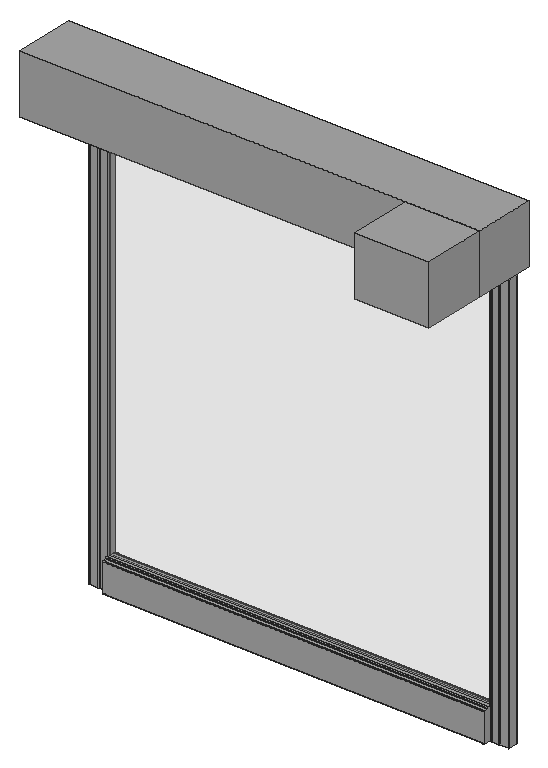
Revit family "Door-Crossing-Gard-Grille_BetweenJambMount_CornellIron", category Doors, host Wall, Revit 2013
Parameters (values of type "Motor Operated, Stainless Steel, 9" Vertical Spacing")
  Sizing Disclaimer = "Openings from 5' to 24' wide and 4' to 20' high."  # constant formula
  Revit Object Download Link = "http://cornellcookson.smartbim.com/download/Door_Crossing-Gard-Grille_BetweenJambMount_CornellIron"
  Motor = yes
  Function = Interior
  Drip Extension = 0' - 5"
  Curtain Rods 2" OC Standard = Stainless steel 9" Spacing (curtain only)
  Bottom Bar = Stainless steel(non-curtain components)
  Guides = Stainless steel(non-curtain components)
  Hood = Stainless steel(non-curtain components)
  Mounting = "Between Jambs"  # constant formula
  URL = "http://www.cornelliron.com/crossingGard.html"
  Subcategory = "Overhead Doors"  # constant formula
  Shutter Width = Width + 2 * 0' 2 1/2" + 2 * 0' 0 15/32"  # 10' - 5 15/16"
  Shutter Height = Height - 0' 4 205/256"  # 9' - 7 51/256"
  Optional aluminum, color anodized finish = no
  Operator Height = 5' - 4"
  Operator = Operator : Motor Operator
  Operation = ""
  From Coil Side Operate on Right = yes
  From Coil Side Operate on Left = not(From Coil Side Operate on Right)  # no
  Curtain Spacing Vertical Chains 9" OC = yes
  Curtain Spacing Vertical Chains 6" OC = no
  Curtain Spacing Vertical Chains 3" OC = no
  Model = "ERG-IBC"  # constant formula
  Manufacturer = "Cornell Iron Works"  # constant formula
  LEED Information = "http://www.cornelliron.com/architect-tools-and-resources/leed-information"
  Height = 10' - 0"
  Wall Closure = By host
  Width = 10' - 0"
  Description = "The security of a locked rolling grille that opens on alarm or power failure allowing safe escape."  # constant formula
  Construction Type = ""
  Assembly Code = "B2030410"
  95 CSI = "08330"  # constant formula
  Coil Dimension Note = "15” to 20” - Consult Cornell when dimensions are critical."  # constant formula
  Jamb Dimension Note = "5 1/2” to 6 1/2” wide. Consult Cornell when dimensions are critical"  # constant formula
  Wall Construction = "Self supporting tubes, Masonry, Steel or Wood"  # constant formula
  Listings = "ICC-ES Evaluated for access controlled egress per the IBC®, per ESR-1167"  # constant formula
  URL Specifications = "http://www.cornelliron.com/docs/default-source/default-document-library/crossinggard-emergency-response-grilles-specification.doc?sfvrsn=1"
  URL Photographs = "http://www.cornelliron.com/inspiration-customization/project-gallery"
  URL CAD = "http://www.cornelliron.com/architect-tools-and-resources/drawing-generator"
  04 CSI = "08 33 00"  # constant formula
  Representative Disclaimer = "Cornell products are sold and installed through a nationwide network of independent distributors."  # constant formula
  Distributor Locator = "http://www.cornelliron.com/contact-us"
  Cost Note = "Based on size, materials selected. Consult Cookson."  # constant formula
Types (12): name | Curtain Rods 2" OC Standard | Bottom Bar | Guides | Hood | Curtain Spacing Vertical Chains 9" OC | Curtain Spacing Vertical Chains 6" OC | Curtain Spacing Vertical Chains 3" OC
  Motor Operated, Aluminium (Anodized Finish), 9" Vertical Spacing | Aluminum, mill finish 3" Spacing (curtain only) | Aluminum, mill finish(non-curtain components) | Aluminum, mill finish(non-curtain components) | Aluminum, mill finish(non-curtain components) | no | no | yes
  Motor Operated, Aluminium (Mill Finish), 9" Vertical Spacing | Aluminum, mill finish 9" Spacing (curtain only) | Aluminum, mill finish(non-curtain components) | Aluminum, mill finish(non-curtain components) | Aluminum, mill finish(non-curtain components) | yes | no | no
  Motor Operated, Galvanized Steel, 9" Vertical Spacing | Galvanized steel 9" Spacing (curtain only) | Galvanized steel curtain, galvanized or powder coated plain steel components(non-curtain components) | Galvanized steel curtain, galvanized or powder coated plain steel components(non-curtain components) | Galvanized steel curtain, galvanized or powder coated plain steel components(non-curtain components) | yes | no | no
  Motor Operated, Stainless Steel, 9" Vertical Spacing | Stainless steel 9" Spacing (curtain only) | Stainless steel(non-curtain components) | Stainless steel(non-curtain components) | Stainless steel(non-curtain components) | yes | no | no
  Motor Operated, Stainless Steel, 6" Vertical Spacing | Stainless steel 6" Spacing (curtain only) | Stainless steel(non-curtain components) | Stainless steel(non-curtain components) | Stainless steel(non-curtain components) | no | yes | no
  Motor Operated, Stainless Steel, 3" Vertical Spacing | Stainless steel 3" Spacing (curtain only) | Stainless steel(non-curtain components) | Stainless steel(non-curtain components) | Stainless steel(non-curtain components) | no | no | yes
  Motor Operated, Galvanized Steel, 6" Vertical Spacing | Galvanized steel 6" Spacing (curtain only) | Galvanized steel curtain, galvanized or powder coated plain steel components(non-curtain components) | Galvanized steel curtain, galvanized or powder coated plain steel components(non-curtain components) | Galvanized steel curtain, galvanized or powder coated plain steel components(non-curtain components) | no | yes | no
  Motor Operated, Galvanized Steel, 3" Vertical Spacing | Galvanized steel 3" Spacing (curtain only) | Galvanized steel curtain, galvanized or powder coated plain steel components(non-curtain components) | Galvanized steel curtain, galvanized or powder coated plain steel components(non-curtain components) | Galvanized steel curtain, galvanized or powder coated plain steel components(non-curtain components) | no | no | yes
  Motor Operated, Aluminium (Mill Finish), 6" Vertical Spacing | Aluminum, mill finish 6" Spacing (curtain only) | Aluminum, mill finish(non-curtain components) | Aluminum, mill finish(non-curtain components) | Aluminum, mill finish(non-curtain components) | no | yes | no
  Motor Operated, Aluminium (Mill Finish), 3" Vertical Spacing | Aluminum, mill finish 3" Spacing (curtain only) | Aluminum, mill finish(non-curtain components) | Aluminum, mill finish(non-curtain components) | Aluminum, mill finish(non-curtain components) | no | no | yes
  Motor Operated, Aluminium (Anodized Finish), 6" Vertical Spacing | Aluminum, anodized finish 6" Spacing (curtain only) | Aluminum, anodized finish(non-curtain components) | Aluminum, anodized finish(non-curtain components) | Aluminum, anodized finish(non-curtain components) | no | yes | no
  Motor Operated, Aluminium (Anodized Finish), 3" Vertical Spacing | Aluminum, anodized finish 3" Spacing (curtain only) | Aluminum, anodized finish(non-curtain components) | Aluminum, anodized finish(non-curtain components) | Aluminum, anodized finish(non-curtain components) | no | no | yes
Reference planes (in)
  plane 1 "Center (Front/Back)": y = 0
  plane 2 "Center (Left/Right)": x = 36
  plane 3 "Left": x = -24
  plane 4 "Right": x = 96
  plane 5 "Top": z = 120
  plane 6 "Wall Edge": y = -4.25
  plane 7: y = -4.25
  plane 8 "Top of Hood": z = 142
  plane 9: y = -17.875
  plane 10: z = 125
  plane 11: z = 4.39975
  plane 12: z = 4.39975
  plane 13: z = 6.41361
  plane 14: z = 10.41361
  plane 15: y = -6.125
  plane 16: x = -29.5
  plane 17: x = 101.5
  plane 18: x = -27
  plane 19: x = 99
  plane 20: z = 132
  plane 21: y = -21.75
  plane 22: y = -39.75
Forms (in)
  Sweep 1, solid, material "Stainless steel(non-curtain components)" <- "Guides"
    path origin (-95.55277, -4.25, 84) x (-1, 0, 0) y (0, 0, 1)
      loop
        line (-186.05277, -84) -> (-77.05277, -84)
    profile "Profile_BottomBar : Profile_BottomBar" origin (36, -4.25, 0) x (0, 0, 1) y (0, 1, 0)
      loop
        line (0.15089, -1.80859) -> (8.36692, -1.80859)
        arc (8.36692, -1.80859) -> (8.47362, -1.7644) -> (8.51781, -1.65771) r 0.15089
        line (8.51781, -1.65771) -> (8.51781, -0.81809)
        arc (8.51781, -0.81809) -> (8.562, -0.7114) -> (8.6687, -0.66721) r 0.15089
        line (8.6687, -0.66721) -> (8.82445, -0.66721)
        arc (8.82445, -0.66721) -> (8.93114, -0.62301) -> (8.97534, -0.51632) r 0.15089
        line (8.97534, -0.51632) -> (8.97534, 1.76645)
        arc (8.97534, 1.76645) -> (8.93114, 1.87315) -> (8.82445, 1.91734) r 0.15089
        line (8.82445, 1.91734) -> (8.6687, 1.91734)
        arc (8.6687, 1.91734) -> (8.562, 1.96153) -> (8.51781, 2.06823) r 0.15089
        line (8.51781, 2.06823) -> (8.51781, 2.90784)
        arc (8.51781, 2.90784) -> (8.47362, 3.01453) -> (8.36692, 3.05873) r 0.15089
        line (8.36692, 3.05873) -> (0.15089, 3.05873)
        arc (0.15089, 3.05873) -> (0.04419, 3.01453) -> (0, 2.90784) r 0.15089
        line (0, 2.90784) -> (0, -1.65771)
        arc (0, -1.65771) -> (0.04419, -1.7644) -> (0.15089, -1.80859) r 0.15089
  Extrusion 2, solid, material "Stainless steel 9" Spacing (curtain only)" <- "Curtain Rods 2" OC Standard"
    sketch origin (-95.55277, -4.25, 84) x (-1, 0, 0) y (0, 0, 1)
      loop
        line (-75.00977, 36) -> (-188.09577, 36) -> (-188.09577, -75.02466) -> (-75.00977, -75.02466) -> (-75.00977, 36)
    from 0.3135 to 0.9375
Lines and regions (in)
  Opening 1
    outline origin (-90, -4.25, 0) x (1, 0, 0) y (0, 0, 1)
      loop
        line (66, 0) -> (186, 0) -> (186, 120) -> (66, 120) -> (66, 0)
  symbolic lines, style "Doors"
    curve 1: line (92.543, -3.9365, 0) -> (92.543, -3.3125, 0)
    curve 2: line (-20.543, -3.9365, 0) -> (92.543, -3.9365, 0)
    curve 3: line (92.543, -3.3125, 0) -> (-20.543, -3.3125, 0)
    curve 4: line (-20.543, -3.3125, 0) -> (-20.543, -3.9365, 0)
    curve 5: line (-18.5, -6.05859, 0) -> (90.5, -6.05859, 0)
    curve 6: line (-18.5, -1.19127, 0) -> (-18.5, -3.3125, 0)
    curve 7: line (90.5, -1.19127, 0) -> (-18.5, -1.19127, 0)
    curve 8: line (90.5, -6.05859, 0) -> (90.5, -3.9365, 0)
    curve 9: line (-18.5, -3.9365, 0) -> (-18.5, -6.05859, 0)
    curve 10: line (90.5, -3.3125, 0) -> (90.5, -1.19127, 0)
Text (in)
  text "Exterior" at (-74.96733, 27.31104, 0), in view "Ref. Level"
  text "Interior" at (-74.96733, -25.14366, 0), in view "Ref. Level"
  text "Exterior" at (0, 40.15149, 123.01588), in view "Right"
  text "Interior" at (0, -64.39139, 123.01588), in view "Right"
  text "Interior" at (0, -63.63426, 123.00693), in view "Left"
  text "Exterior" at (0, 54.57065, 123.00693), in view "Left"
Dimensions and locks (in)
  equal spacing: plane 3 "Left", plane 2 "Center (Left/Right)", plane 4 "Right"
  "Height": level to plane 5 "Top"
  "Width": plane 3 "Left" to plane 4 "Right"
  locked: plane 7 to plane 6 "Wall Edge"
  "Drip Extension": plane 10 to plane 5 "Top"
  locked: plane 8 "Top of Hood" to plane 10 at 17
  locked: level to plane 11 at 4.39975
  locked: level to plane 12 at 4.39975
  locked: plane 6 "Wall Edge" to plane 9 at 13.625
  locked: plane 13 to level at 6.41361
  locked: level to plane 14 at 10.41361
  locked: plane 6 "Wall Edge" to plane 15 at 1.875
  locked: plane 16 to plane 3 "Left" at 5.5
  locked: plane 4 "Right" to plane 17 at 5.5
  locked: plane 16 to plane 18 at 2.5
  locked: plane 19 to plane 17 at 2.5
  plane 22 to plane 21 to plane 6 "Wall Edge" = 1' - 6", 1' - 5 1/2"
  plane 10 to plane 5 "Top" = 0' - 5"
  plane 8 "Top of Hood" to level = 11' - 10"
  locked: Sweep 1 sketch curve to plane 4 "Right" at 5.5
  aligned and locked: plane 3 "Left" to Opening 1 sketch curve
  aligned and locked: plane 5 "Top" to Opening 1 sketch curve  (x2)
  aligned and locked: Opening 1 sketch curve to plane 4 "Right"
  aligned and locked: Opening 1 sketch curve to level
  aligned and locked: plane 6 "Wall Edge" to host wall
  aligned and locked: nested 1 to plane 2 "Center (Left/Right)"
  aligned and locked: nested 1 to host wall
  aligned and locked: Sweep 1 sketch curve to level
  aligned and locked: nested 1 to plane 10
  aligned and locked: plane 5 "Top" to Extrusion 2 sketch curve
  aligned and locked: nested 2 to plane 3 "Left"
  aligned and locked: nested 2 to Extrusion 2
  aligned and locked: nested 3 to plane 4 "Right"
  aligned and locked: Extrusion 2 to nested 3  (x2)
  aligned and locked: nested 2 to Sweep 1 sketch curve
  aligned and locked: nested 2 to plane 5 "Top"
  aligned and locked: plane 5 "Top" to nested 3
  aligned and locked: curve 1 to Extrusion 2
  aligned and locked: curve 2 to Extrusion 2
  aligned and locked: curve 3 to Extrusion 2
  aligned and locked: curve 4 to Extrusion 2
  aligned and locked: curve 5 to Sweep 1
  aligned and locked: curve 6 to Sweep 1
  aligned and locked: curve 7 to Sweep 1
  aligned and locked: curve 8 to Sweep 1
Automatic sketch dimensions
  plane 4 "Right" to Extrusion 2 sketch curve = 0' - 3.457"
  Extrusion 2 sketch curve to plane 3 "Left" = 0' - 3.457"
  plane 14 to Extrusion 2 sketch curve = 0' - 1.43827"
  curve 3 to host wall = 0' - 0 15/16"
  curve 3 to curve 7 = 0' - 2.043"
  curve 2 to host wall = 0' - 0.3135"
  curve 5 to curve 2 = 0' - 2.043"
  curve 6 to host wall = 0' - 0 15/16"
  curve 8 to host wall = 0' - 0.3135"
  curve 10 to host wall = 0' - 0 15/16"
  plane 4 "Right" to curve 10 = 0' - 5 1/2"
  curve 9 to host wall = 0' - 0.3135"
  curve 9 to plane 3 "Left" = 0' - 5 1/2"
Nested families (in)
  nested 1: "Operator" at (36, -12.75, 37.50377), type <- "Operator", type "Motor Operator"
  nested 2: "Jamb_Guide-Wall" at (-21.75, -1.3745, 0), type "Guide"
  nested 3: "Jamb_Guide-Wall" at (93.75, -1.3745, 0) x (-1, 0, 0) z (0, 0, 1), type "Guide"
Definition of nested family "Operator"
  Parameters (values of type "Motor Operator")
    Width = 10' - 0"
    Roller Chamber = Aluminum, mill finish(non-curtain components)
    Right Motor Visible = not(Motor)  # no
    Right = yes
    Operator Height = Height / 1.5  # 5' - 4"
    Motor = yes
    Material = Aluminum, mill finish(non-curtain components)
    Line = no
    Left Motor Visible = not(Motor)  # no
    Left = no
    Height = 8' - 0"
    Default Elevation = 4' - 0"
    Bottom Bar = Aluminum, mill finish(non-curtain components)
    Assembly Code = ""
  Reference planes (in)
    plane 1 "Center (Front/Back)": y = 0
    plane 2: z = 0
    plane 3 "Center (Left/Right)": x = 0
    plane 4: x = -60
    plane 5: x = 60
    plane 6: z = 96
    plane 7: y = 8.5
    plane 8: z = 87.49623
    plane 9: x = -42.75
    plane 10: x = 42.75
    plane 11: y = -27.30859
    plane 12: y = -12
    plane 13: y = 6.625
    plane 14: x = -55.5
    plane 15: x = 55.5
    plane 16: x = -65.5
    plane 17: x = 65.5
    plane 18: y = -7
  Forms (in)
    Sweep 1, solid, material "Aluminum, mill finish(non-curtain components)" <- "Bottom Bar"
      path origin (-42.75, -180, 87.49623) x (0, -1, 0) y (1, 0, 0)
        loop
          line (-188.5, -22.75) -> (-188.5, 108.25)
      profile "Profile_Hood : Profile_Hood" origin (0, 8.5, 87.49623) x (0, 1, 0) y (0, 0, 1)
        loop
          line (0, 17) -> (-17.5, 17) -> (-17.5, 0) -> (0, 0) -> (0, 17)
    Sweep 2, solid, material "Aluminum, mill finish(non-curtain components)" <- "Bottom Bar"
      path origin (-42.75, -180, 87.49623) x (0, -1, 0) y (1, 0, 0)
        loop
          line (-188.5, -22.75) -> (-188.5, 108.25)
      profile "Profile_Hood : Profile_Hood" origin (0, 8.5, 87.49623) x (0, 1, 0) y (0, 0, 1)
        loop
          line (0, 17) -> (-17.5, 17) -> (-17.5, 0) -> (0, 0) -> (0, 17)
    Sweep 3, solid, material "Aluminum, mill finish(non-curtain components)" <- "Roller Chamber"
      path origin (-42.75, -180, 87.49623) x (0, -1, 0) y (1, 0, 0)
        loop
          line (-188.5, -22.75) -> (-188.5, 108.25)
      profile "Profile_Hood : Profile_Hood" origin (0, 8.5, 87.49623) x (0, 1, 0) y (0, 0, 1)
        loop
          line (0, 17) -> (-17.5, 17) -> (-17.5, 0) -> (0, 0) -> (0, 17)
  Lines and regions (in)
    symbolic lines, style "GenericModelHiddenLines"
      curve 1: line (-65.5, 8.5, 0) -> (-65.5, -7, 0)
      curve 3: line (65.5, -7, 0) -> (65.5, 8.5, 0)
    symbolic lines, style "GenericModelHiddenLines", visible <- "Line"
      curve 2: line (-65.5, -7, 0) -> (65.5, -7, 0)
    symbolic lines, style "GenericModelHiddenLines", visible <- "Left"
      curve 4: line (-44.5, -7, 0) -> (65.5, -7, 0)
    symbolic lines, style "GenericModelHiddenLines", visible <- "Right"
      curve 5: line (-65.5, -7, 0) -> (44.5, -7, 0)
    symbolic lines, style "GenericModelHiddenLines", visible <- "Right Motor Visible"
      curve 6: line (44.5, -7, 0) -> (65.5, -7, 0)
    symbolic lines, style "GenericModelHiddenLines", visible <- "Left Motor Visible"
      curve 7: line (-65.5, -7, 0) -> (-44.5, -7, 0)
  Dimensions and locks (in)
    equal spacing: plane 4, plane 3 "Center (Left/Right)", plane 5
    "Width": plane 4 to plane 5
    "Height": plane 6 to level
    locked: plane 7 to plane 1 "Center (Front/Back)" at 8.5
    locked: plane 6 to plane 8 at 8.50377
    locked: plane 7 to plane 11 at 35.80859
    locked: plane 7 to plane 13 at 1.875
    locked: plane 15 to plane 5 at 4.5
    locked: plane 4 to plane 14 at 4.5
    locked: plane 16 to plane 4 at 5.5
    locked: plane 17 to plane 5 at 5.5
    locked: plane 18 to plane 7 at 15.5
    aligned and locked: nested 2 to plane 6
    aligned and locked: Sweep 1 sketch curve to plane 7
    aligned and locked: nested 1 to Sweep 1
    aligned and locked: Sweep 2 sketch curve to plane 7
    aligned and locked: Sweep 3 sketch curve to plane 7
    aligned and locked: plane 6 to nested 1
    aligned and locked: plane 16 to Sweep 2 sketch curve
    aligned and locked: plane 17 to Sweep 2 sketch curve
    aligned and locked: plane 16 to Sweep 3 sketch curve
    aligned and locked: plane 17 to Sweep 3 sketch curve
    aligned and locked: plane 16 to Sweep 1 sketch curve
    aligned and locked: plane 17 to Sweep 1 sketch curve
    aligned and locked: plane 7 to curve 1
    aligned and locked: curve 3 to plane 7
    aligned and locked: plane 18 to curve 3
    aligned and locked: plane 18 to curve 4
    aligned and locked: nested 1 to curve 5
    aligned and locked: curve 5 to plane 18
    aligned and locked: nested 1 to curve 6
    aligned and locked: curve 5 to curve 6
    aligned and locked: nested 2 to Sweep 3
    aligned and locked: nested 1 to Sweep 2
    aligned and locked: nested 2 to curve 7
    aligned and locked: plane 16 to nested 2
    aligned and locked: curve 1 to plane 16
  Nested families (in)
    nested 1: "Pull-Down-Pole" at (71.375, -2, 32), visible <- "Right", type "Pull"
    nested 2: "Pull-Down-Pole" at (-71.375, -2, 32) x (-1, 0, 0) z (0, 0, 1), visible <- "Left", type "Pull 2"
  Definition of nested family "Pull-Down-Pole"
    Parameters (values of type "Pull 2")
      Motor = yes
      Material = Aluminum, mill finish(non-curtain components)
      Hood = Aluminum, mill finish(non-curtain components)
      Height = 5' - 4"
      Bottom Bar = Aluminum, mill finish(non-curtain components)
      Assembly Code = ""
    Types (2): name
      Pull 2
      Pull
    Reference planes (in)
      plane 1 "Center (Front/Back)": y = 0
      plane 2: z = 0
      plane 3 "Center (Left/Right)": x = 0
      plane 4: z = 64
      plane 5: y = -7
      plane 6: y = -25
      plane 7: x = -3.625
      plane 8: x = -5.875
      plane 9: x = -1.375
    Forms (in)
      Extrusion 1, solid, material "Aluminum, mill finish(non-curtain components)" <- "Material", visible <- "Motor"
        sketch origin (0, 0, 0) x (1, 0, 0) y (0, 0, 1)
          loop
            line (-26.875, 72.49609) -> (-26.875, 55.49609) -> (-5.875, 55.49609) -> (-5.875, 72.49609) -> (-26.875, 72.49609)
        from 7 to 25
      Extrusion 2, solid, material "Aluminum, mill finish(non-curtain components)" <- "Bottom Bar", not visible
        sketch origin (-9.625, -8.75, 56.81318) x (0, 0, 1) y (0, -1, 0)
          loop
            line (15.68682, -17.125) -> (15.68682, -1.75) -> (-1.31318, -1.75) -> (-1.31318, -17.125) -> (15.68682, -17.125)
        from 3.75 to 8.25
      Extrusion 3, solid, material "Aluminum, mill finish(non-curtain components)" <- "Bottom Bar", not visible
        sketch origin (-5.875, -5.3125, 56.81318) x (0, 0, -1) y (0, -1, 0)
          loop
            line (-15.68682, 1.6875) -> (-15.68682, -13.6875) -> (1.31318, -13.6875) -> (1.31318, 1.6875) -> (-15.68682, 1.6875)
        from -4.5 to 0
    Lines and regions (in)
      symbolic lines, style "GenericModelHiddenLines", visible <- "Motor"
        curve 1: line (-26.875, -25, 0) -> (-26.875, -7, 0)
        curve 2: line (-26.875, -25, 0) -> (-5.875, -25, 0)
        curve 3: line (-5.875, -25, 0) -> (-5.875, -7, 0)
    Dimensions and locks (in)
      "Height": plane 4 to level
      locked: plane 3 "Center (Left/Right)" to Extrusion 1 sketch curve at 5.875
      locked: Extrusion 1 sketch curve to Extrusion 1 sketch curve at 21
      locked: plane 4 to Extrusion 1 sketch curve at 8.50391
      locked: Extrusion 1 sketch curve to plane 4 at 8.49609
      locked: plane 1 "Center (Front/Back)" to plane 5 at 7
      plane 5 to plane 6 = 1' - 6"
      Extrusion 2 to plane 7 = 0' - 2 1/4"
      locked: plane 8 to plane 9 at 4.5
      equal spacing: plane 8, plane 7, plane 9
      plane 5 to plane 1 "Center (Front/Back)" = 0' - 7"
      plane 1 "Center (Front/Back)" to Extrusion 3 sketch curve = 0' - 8 3/8"
      Extrusion 2 to plane 4 = 0' - 8 1/2"
      aligned and locked: plane 5 to Extrusion 1
      aligned and locked: plane 6 to Extrusion 1
      aligned and locked: plane 4 to nested 1
      aligned and locked: plane 7 to nested 1
      aligned and locked: plane 1 "Center (Front/Back)" to nested 1
      aligned and locked: Extrusion 2 to Extrusion 3
      aligned and locked: Extrusion 3 to plane 9
      aligned and locked: Extrusion 2 to plane 9
      aligned and locked: plane 5 to curve 1
      aligned and locked: plane 6 to curve 1
      aligned and locked: plane 5 to curve 3
      aligned and locked: plane 6 to curve 3
      aligned and locked: Extrusion 1 to curve 2
      aligned and locked: curve 2 to Extrusion 1
    Automatic sketch dimensions
      Extrusion 3 sketch curve to Extrusion 2 = 0' - 0"  (x2)
      Extrusion 3 sketch curve to Extrusion 2 = 1' - 3 3/8"
      Extrusion 2 sketch curve to plane 5 = 0' - 0"
      Extrusion 2 sketch curve to plane 4 = 0' - 8 1/2"
      plane 4 to Extrusion 2 sketch curve = 0' - 8 1/2"
      Extrusion 2 sketch curve to Extrusion 2 sketch curve = 1' - 3 3/8"
    Nested families (in)
      nested 1: "Hand Crank" at (-3.625, 0, 0), type "Pull"
        with Crank Visibility no
    Definition of nested family "Hand Crank"
      Parameters (values of type "Pull 2")
        Pull Visibility = no
        Material = none
        Height = 5' - 4"
        Crank Visibility = yes
        Chain Visibility = no
        Assembly Code = ""
      Types (2): name
        Pull
        Pull 2
      Reference planes (in)
        plane 1 "Center (Front/Back)": y = 0
        plane 2: z = 0
        plane 3 "Center (Left/Right)": x = 0
        plane 4: z = 64
      Forms (in)
        Extrusion 1, solid, material <- "Material", visible <- "Crank Visibility"
          sketch origin (0.49219, 0, -9.71913) x (1, 0, 0) y (0, 1, 0)
            loop
              circle (-0.49219, 0) r 0.3635
          from 27.71913 to 73.71913
        Revolve 2, solid, material <- "Material", visible <- "Crank Visibility"
          sketch origin (0.48828, 0, 0) x (1, 0, 0) y (0, 0, 1)
            loop
              line (-0.00839, 16.40625) -> (-0.00839, 17.75)
              arc (-0.00839, 17.75) -> (0.0137, 17.75915) -> (0.02286, 17.78125) r 0.03125
              line (0.02286, 17.78125) -> (0.02286, 17.96875)
              arc (0.02286, 17.96875) -> (0.0137, 17.99085) -> (-0.00839, 18) r 0.03125
              line (-0.00839, 18) -> (-0.12478, 18) -> (-0.25839, 16.375) -> (-0.03964, 16.375)
              arc (-0.03964, 16.375) -> (-0.01755, 16.38415) -> (-0.00839, 16.40625) r 0.03125
            axis (-0.5, 16.375) -> (-0.5, 18)
          angle from 0 to 360
        Extrusion 3, solid, material <- "Material", visible <- "Crank Visibility"
          sketch origin (0.48828, 0, -9.71913) x (1, 0, 0) y (0, 1, 0)
            loop
              circle (-0.5, 0) r 0.24161
          from 24.71913 to 26.09413
        Revolve 4, solid, material <- "Material", visible <- "Crank Visibility"
          sketch origin (0.48828, 0, -33.71913) x (1, 0, 0) y (0, 0, 1)
            loop
              line (-0.10214, 48.71913) -> (-0.5, 48.71913) -> (-0.5, 44.28163) -> (-0.10214, 44.28163)
              arc (-0.10214, 44.28163) -> (-0.08321, 44.29598) -> (-0.06782, 44.31409) r 0.10929
              arc (-0.06782, 44.31409) -> (-0.0568, 44.33489) -> (-0.05048, 44.35756) r 0.10929
              arc (-0.05048, 44.35756) -> (-0.04908, 44.37899) -> (-0.05189, 44.40028) r 0.10929
              arc (-0.05189, 44.40028) -> (-0.06078, 44.4247) -> (-0.07518, 44.44633) r 0.10929
              arc (-0.07518, 44.44633) -> (-0.08774, 44.45883) -> (-0.10214, 44.46913) r 0.10929
              line (-0.10214, 44.46913) -> (-0.25839, 44.46913) -> (-0.25839, 44.53163) -> (-0.03964, 44.53163)
              arc (-0.03964, 44.53163) -> (0.02286, 46.50038) -> (-0.03964, 48.46913) r 31.03906
              line (-0.03964, 48.46913) -> (-0.25839, 48.46913) -> (-0.25839, 48.53163) -> (-0.10214, 48.53163)
              arc (-0.10214, 48.53163) -> (-0.089, 48.54117) -> (-0.07741, 48.55254) r 0.11027
              arc (-0.07741, 48.55254) -> (-0.06715, 48.5662) -> (-0.05913, 48.58129) r 0.11027
              arc (-0.05913, 48.58129) -> (-0.05268, 48.60089) -> (-0.05, 48.62136) r 0.11027
              arc (-0.05, 48.62136) -> (-0.05282, 48.65047) -> (-0.06319, 48.67782) r 0.11027
              arc (-0.06319, 48.67782) -> (-0.07996, 48.70102) -> (-0.10214, 48.71913) r 0.11027
            axis (-0.5, 44.28163) -> (-0.5, 48.71913)
          angle from 0 to 360
        Revolve 5, solid, material <- "Material", visible <- "Crank Visibility"
          sketch origin (0.48828, 0, 0) x (1, 0, 0) y (0, 0, 1)
            loop
              line (-7.10196, 4.6875) -> (-7.49981, 4.6875) -> (-7.49981, 0) -> (-7.28964, 0) -> (-7.25839, 0.03125) -> (-7.25839, 0.25) -> (-7.10196, 0.25)
              arc (-7.10196, 0.25) -> (-7.08302, 0.26435) -> (-7.06764, 0.28246) r 0.10929
              arc (-7.06764, 0.28246) -> (-7.05661, 0.30326) -> (-7.0503, 0.32593) r 0.10929
              arc (-7.0503, 0.32593) -> (-7.04889, 0.34736) -> (-7.05171, 0.36865) r 0.10929
              arc (-7.05171, 0.36865) -> (-7.0606, 0.39307) -> (-7.075, 0.4147) r 0.10929
              arc (-7.075, 0.4147) -> (-7.08755, 0.4272) -> (-7.10196, 0.4375) r 0.10929
              line (-7.10196, 0.4375) -> (-7.25821, 0.4375) -> (-7.25821, 0.5) -> (-7.03946, 0.5)
              arc (-7.03946, 0.5) -> (-6.97696, 2.46875) -> (-7.03946, 4.4375) r 31.03906
              line (-7.03946, 4.4375) -> (-7.25821, 4.4375) -> (-7.25821, 4.5) -> (-7.10196, 4.5)
              arc (-7.10196, 4.5) -> (-7.08882, 4.50954) -> (-7.07722, 4.52091) r 0.11027
              arc (-7.07722, 4.52091) -> (-7.06696, 4.53457) -> (-7.05894, 4.54966) r 0.11027
              arc (-7.05894, 4.54966) -> (-7.05249, 4.56926) -> (-7.04981, 4.58973) r 0.11027
              arc (-7.04981, 4.58973) -> (-7.05263, 4.61884) -> (-7.06301, 4.64619) r 0.11027
              arc (-7.06301, 4.64619) -> (-7.07978, 4.66939) -> (-7.10196, 4.6875) r 0.11027
            axis (-7.49981, 0) -> (-7.49981, 4.6875)
          angle from 0 to 360
        Sweep 6, solid, material <- "Material", visible <- "Crank Visibility"
          path origin (0.48828, 0, 0) x (1, 0, 0) y (0, 0, 1)
            loop
              arc (-7.49004, 4.6119) -> (-7.47789, 4.71547) -> (-7.45023, 4.816) r 0.6875
              arc (-7.45023, 4.816) -> (-7.43834, 4.84678) -> (-7.42499, 4.87696) r 0.6875
              arc (-7.42499, 4.87696) -> (-7.41762, 4.89212) -> (-7.40987, 4.9071) r 0.6875
              arc (-7.40987, 4.9071) -> (-7.38741, 4.94613) -> (-7.36243, 4.98361) r 0.6875
              arc (-7.36243, 4.98361) -> (-7.33964, 5.01371) -> (-7.31523, 5.04252) r 0.6875
              arc (-7.31523, 5.04252) -> (-7.29391, 5.06527) -> (-7.27158, 5.08702) r 0.6875
              line (-7.27158, 5.08702) -> (-0.63776, 10.21872)
              arc (-0.63776, 10.21872) -> (-0.61587, 10.24313) -> (-0.59517, 10.26856) r 0.6875
              arc (-0.59517, 10.26856) -> (-0.57706, 10.29302) -> (-0.56005, 10.31826) r 0.6875
              arc (-0.56005, 10.31826) -> (-0.54767, 10.33829) -> (-0.53598, 10.35873) r 0.6875
              arc (-0.53598, 10.35873) -> (-0.52266, 10.38421) -> (-0.51043, 10.41023) r 0.6875
              arc (-0.51043, 10.41023) -> (-0.49993, 10.43513) -> (-0.49042, 10.46042) r 0.6875
              arc (-0.49042, 10.46042) -> (-0.47982, 10.49292) -> (-0.47085, 10.5259) r 0.6875
              arc (-0.47085, 10.5259) -> (-0.46028, 10.57739) -> (-0.45368, 10.62953) r 0.6875
          profile origin (-3.46639, 0, 7.65287) x (-0.611862, 0, 0.790964) y (0, -1, 0)
            loop
              circle (0, 0) r 0.21875
      Dimensions and locks (in)
        "Height": plane 4 to level
        aligned and locked: plane 4 to Extrusion 1
      Automatic sketch dimensions
        plane 3 "Center (Left/Right)" to Extrusion 1 sketch curve = 0' - 0"
        Extrusion 1 sketch curve to plane 1 "Center (Front/Back)" = 0' - 0"
        Revolve 2 sketch curve to plane 3 "Center (Left/Right)" = 0' - 0 3/256"
        Revolve 2 sketch curve to Revolve 2 sketch curve = 0' - 0.24161"
        Revolve 2 sketch curve to Revolve 2 sketch curve = 0' - 0.37522"
        Revolve 2 sketch curve to Revolve 2 sketch curve = 0' - 0 7/32"
        Revolve 2 sketch curve to Revolve 2 sketch curve = 0' - 0.11639"
        Revolve 2 sketch curve to Revolve 2 sketch curve = 0' - 0"  (x2)
        Revolve 2 sketch curve to Revolve 2 sketch curve = 0' - 0 1/32"
        level to Revolve 2 sketch curve = 1' - 4 3/8"
        Revolve 2 sketch curve to Revolve 2 sketch curve = 0' - 1 11/32"
        Revolve 2 sketch curve to Revolve 2 sketch curve = 0' - 0 3/16"
        Revolve 2 sketch curve to Revolve 2 sketch curve = 0' - 0.55649"
        Extrusion 3 sketch curve to plane 3 "Center (Left/Right)" = 0' - 0 3/256"
        Extrusion 3 sketch curve to plane 1 "Center (Front/Back)" = 0' - 0"
        Revolve 4 sketch curve to Revolve 4 sketch curve = 0' - 0"  (x42)
        Revolve 4 sketch curve to plane 3 "Center (Left/Right)" = 2' - 6.52792"
        Revolve 4 sketch curve to plane 3 "Center (Left/Right)" = 0' - 0 3/256"
        Revolve 4 sketch curve to Revolve 4 sketch curve = 0' - 0.24161"  (x2)
        Revolve 4 sketch curve to Revolve 4 sketch curve = 0' - 0.0982"
        Revolve 4 sketch curve to Revolve 4 sketch curve = 0' - 0.10009"
        Revolve 4 sketch curve to Revolve 4 sketch curve = 0' - 0.05805"  (x2)
        Revolve 4 sketch curve to Revolve 4 sketch curve = 0' - 0.05616"  (x2)
        Revolve 4 sketch curve to Revolve 4 sketch curve = 0' - 0.02473"
        Revolve 4 sketch curve to Revolve 4 sketch curve = 0' - 0.02696"
        Revolve 4 sketch curve to Revolve 4 sketch curve = 0' - 0.03432"
        Revolve 4 sketch curve to Revolve 4 sketch curve = 0' - 0.03895"
        Revolve 4 sketch curve to Revolve 4 sketch curve = 0' - 0.01828"
        Revolve 4 sketch curve to Revolve 4 sketch curve = 0' - 0.02329"
        Revolve 4 sketch curve to Revolve 4 sketch curve = 0' - 0.00141"
        Revolve 4 sketch curve to Revolve 4 sketch curve = 0' - 0.00913"
        Revolve 4 sketch curve to Revolve 4 sketch curve = 0' - 0 1/16"  (x4)
        level to Revolve 4 sketch curve = 0' - 10 9/16"
        Revolve 4 sketch curve to Revolve 4 sketch curve = 0' - 0.03246"
        Revolve 4 sketch curve to Revolve 4 sketch curve = 0' - 0.36189"
        level to Revolve 4 sketch curve = 1' - 0 25/32"
        Revolve 4 sketch curve to Revolve 4 sketch curve = 0' - 0.02091"
        Revolve 5 sketch curve to Revolve 5 sketch curve = 0' - 0"  (x42)
        Revolve 5 sketch curve to plane 3 "Center (Left/Right)" = 3' - 1.52774"
        Revolve 5 sketch curve to plane 3 "Center (Left/Right)" = 0' - 7.01153"
        Revolve 5 sketch curve to Revolve 5 sketch curve = 0' - 0.21017"
        Revolve 5 sketch curve to Revolve 5 sketch curve = 0' - 0 1/32"  (x2)
        Revolve 5 sketch curve to Revolve 5 sketch curve = 0' - 0.24161"
        Revolve 5 sketch curve to Revolve 5 sketch curve = 0' - 0.00019"
        Revolve 5 sketch curve to Revolve 5 sketch curve = 0' - 0.0982"
        Revolve 5 sketch curve to Revolve 5 sketch curve = 0' - 0.10009"
        Revolve 5 sketch curve to Revolve 5 sketch curve = 0' - 0.05805"  (x2)
        Revolve 5 sketch curve to Revolve 5 sketch curve = 0' - 0.05616"  (x2)
        Revolve 5 sketch curve to Revolve 5 sketch curve = 0' - 0.02473"
        Revolve 5 sketch curve to Revolve 5 sketch curve = 0' - 0.02696"
        Revolve 5 sketch curve to Revolve 5 sketch curve = 0' - 0.03432"
        Revolve 5 sketch curve to Revolve 5 sketch curve = 0' - 0.03895"
        Revolve 5 sketch curve to Revolve 5 sketch curve = 0' - 0.01828"
        Revolve 5 sketch curve to Revolve 5 sketch curve = 0' - 0.02329"
        Revolve 5 sketch curve to Revolve 5 sketch curve = 0' - 0.00141"
        Revolve 5 sketch curve to Revolve 5 sketch curve = 0' - 0.00913"
        Revolve 5 sketch curve to Revolve 5 sketch curve = 0' - 0 1/16"  (x4)
        level to Revolve 5 sketch curve = 0' - 0"
        Revolve 5 sketch curve to Revolve 5 sketch curve = 0' - 0 7/32"
        Revolve 5 sketch curve to Revolve 5 sketch curve = 0' - 0.03246"
        Revolve 5 sketch curve to Revolve 5 sketch curve = 0' - 0.03008"
        level to Revolve 5 sketch curve = 0' - 2 15/32"
        Revolve 5 sketch curve to Revolve 5 sketch curve = 0' - 0.02091"
        Sweep 6 sketch curve to Sweep 6 sketch curve = 0' - 0"  (x72)
        Sweep 6 sketch curve to plane 3 "Center (Left/Right)" = 0' - 7.00176"
        Sweep 6 sketch curve to Sweep 6 sketch curve = 0' - 0.03981"
        Sweep 6 sketch curve to Sweep 6 sketch curve = 0' - 0.02523"
        Sweep 6 sketch curve to Sweep 6 sketch curve = 0' - 0.01512"
        Sweep 6 sketch curve to Sweep 6 sketch curve = 0' - 0.04744"
        Sweep 6 sketch curve to Sweep 6 sketch curve = 0' - 0.0472"
        Sweep 6 sketch curve to Sweep 6 sketch curve = 0' - 0.04365"
        Sweep 6 sketch curve to Sweep 6 sketch curve = 0' - 0.60676"
        Sweep 6 sketch curve to Sweep 6 sketch curve = 0' - 6.13304"
        Sweep 6 sketch curve to Sweep 6 sketch curve = 0' - 0.50078"
        Sweep 6 sketch curve to Sweep 6 sketch curve = 0' - 0.04259"
        Sweep 6 sketch curve to Sweep 6 sketch curve = 0' - 0.03512"
        Sweep 6 sketch curve to Sweep 6 sketch curve = 0' - 0.02407"
        Sweep 6 sketch curve to Sweep 6 sketch curve = 0' - 0.02555"
        Sweep 6 sketch curve to Sweep 6 sketch curve = 0' - 0.02001"
        Sweep 6 sketch curve to Sweep 6 sketch curve = 0' - 0.01957"
        Sweep 6 sketch curve to Sweep 6 sketch curve = 0' - 0.01717"
        level to Sweep 6 sketch curve = 0' - 4.58384"
        Sweep 6 sketch curve to Sweep 6 sketch curve = 0' - 0.02806"
        Sweep 6 sketch curve to Sweep 6 sketch curve = 0' - 5.63487"
        Sweep 6 sketch curve to Sweep 6 sketch curve = 0' - 0.04984"
        Sweep 6 sketch curve to profile plane = 0' - 0"  (x2)
        radius of Extrusion 1 sketch curve = 0' - 0.3635"
        radius of Extrusion 3 sketch curve = 0' - 0.24161"
        radius of Sweep 6 sketch curve = 0' - 0 7/32"
Definition of nested family "Jamb_Guide-Wall"
  Parameters (values of type "Guide")
    Height = 10' - 0"
    Guide = Stainless steel(non-curtain components)
    Assembly Code = ""
  Reference planes (in)
    plane 1 "Center (Front/Back)": y = 0
    plane 2: z = 0
    plane 3 "Center (Left/Right)": x = 0
    plane 4: z = 120
    plane 5: x = -2.25
    plane 6: y = -2.875
    plane 7: x = 3.25
    plane 8: y = -1.4375
  Forms (in)
    Extrusion 1, solid, material "Stainless steel(non-curtain components)" <- "Guide"
      sketch origin (0, 0, 0) x (1, 0, 0) y (0, 1, 0)
        loop
          line (0.75, -2.875) -> (3.125, -2.875) -> (3.25, -2.813) -> (3.25, -2.562) -> (2.75, -2.562) -> (2.75, -2.766) -> (0.938, -2.766) -> (0.938, -1.73335) -> (2.75, -1.73335) -> (2.75, -1.938) -> (3.25, -1.938) -> (3.25, -0.436) -> (3.125, -0.374) -> (0.75, -0.374) -> (0.75, -2.875)
      from 0 to 120
    Extrusion 2, solid, material "Stainless steel(non-curtain components)" <- "Guide"
      sketch origin (0, 0.25, 0) x (-1, 0, 0) y (0, -1, 0)
        loop
          line (-0.50842, 0.12671) -> (2.01014, 0.12671)
          arc (2.01014, 0.12671) -> (2.17975, 0.19697) -> (2.25, 0.36658) r 0.23986
          line (2.25, 0.36658) -> (2.25, 2.88514)
          arc (2.25, 2.88514) -> (2.17975, 3.05475) -> (2.01014, 3.125) r 0.23986
          line (2.01014, 3.125) -> (-0.50842, 3.125)
          arc (-0.50842, 3.125) -> (-0.67803, 3.05475) -> (-0.74829, 2.88514) r 0.23986
          line (-0.74829, 2.88514) -> (-0.74829, 0.36658)
          arc (-0.74829, 0.36658) -> (-0.67803, 0.19697) -> (-0.50842, 0.12671) r 0.23986
        loop
          line (-0.50842, 0.24664) -> (2.01014, 0.24664)
          arc (2.01014, 0.24664) -> (2.09494, 0.28177) -> (2.13007, 0.36658) r 0.11993
          line (2.13007, 0.36658) -> (2.13007, 2.88514)
          arc (2.13007, 2.88514) -> (2.09494, 2.96994) -> (2.01014, 3.00507) r 0.11993
          line (2.01014, 3.00507) -> (-0.50842, 3.00507)
          arc (-0.50842, 3.00507) -> (-0.59323, 2.96994) -> (-0.62836, 2.88514) r 0.11993
          line (-0.62836, 2.88514) -> (-0.62836, 0.36658)
          arc (-0.62836, 0.36658) -> (-0.59323, 0.28177) -> (-0.50842, 0.24664) r 0.11993
      from 0 to 120
  Lines and regions (in)
    Filled region 1, type "GA0363.dwg--6", in view "Ref. Level"
      outline origin (0, 0.25, 0) x (-1, 0, 0) y (0, -1, 0)
        loop
          line (-84.66667, -45.69605) -> (-84.83333, -45.69605) -> (-84.75, -46.19605) -> (-84.66667, -45.69605)
    Filled region 2, type "GA0363.dwg--6", in view "Ref. Level"
      outline origin (0, 0.25, 0) x (-1, 0, 0) y (0, -1, 0)
        loop
          line (-84.66667, -38.69605) -> (-84.75, -38.19605) -> (-84.83333, -38.69605) -> (-84.66667, -38.69605)
    Filled region 3, type "GA0363.dwg--6", in view "Ref. Level"
      outline origin (0, 0.25, 0) x (-1, 0, 0) y (0, -1, 0)
        loop
          line (-104.16667, -36.19605) -> (-104.25, -35.69605) -> (-104.33333, -36.19605) -> (-104.16667, -36.19605)
    Filled region 4, type "GA0363.dwg--6", in view "Ref. Level"
      outline origin (0, 0.25, 0) x (-1, 0, 0) y (0, -1, 0)
        loop
          line (-104.16667, -42.20005) -> (-104.33333, -42.20005) -> (-104.25, -42.70005) -> (-104.16667, -42.20005)
    Filled region 5, type "GA0363.dwg--6", in view "Ref. Level"
      outline origin (0, 0.25, 0) x (-1, 0, 0) y (0, -1, 0)
        loop
          line (-99.75, -49.33333) -> (-99.25, -49.25) -> (-99.75, -49.16667) -> (-99.75, -49.33333)
    Filled region 6, type "GA0363.dwg--6", in view "Ref. Level"
      outline origin (0, 0.25, 0) x (-1, 0, 0) y (0, -1, 0)
        loop
          line (-110.75, -49.33333) -> (-110.75, -49.16667) -> (-111.25, -49.25) -> (-110.75, -49.33333)
    Filled region 7, type "GA0363.dwg--6", in view "Ref. Level"
      outline origin (0, 0.25, 0) x (-1, 0, 0) y (0, -1, 0)
        loop
          line (-113.66667, -36.19605) -> (-113.75, -35.69605) -> (-113.83333, -36.19605) -> (-113.66667, -36.19605)
    Filled region 8, type "GA0363.dwg--6", in view "Ref. Level"
      outline origin (0, 0.25, 0) x (-1, 0, 0) y (0, -1, 0)
        loop
          line (-113.66667, -47.19605) -> (-113.83333, -47.19605) -> (-113.75, -47.69605) -> (-113.66667, -47.19605)
    Filled region 9, type "GA0363.dwg--6", in view "Ref. Level"
      outline origin (0, 0.25, 0) x (-1, 0, 0) y (0, -1, 0)
        loop
          line (-99.25, -32.19605) -> (-99.62924, -31.85972) -> (-99.71782, -32.00089) -> (-99.25, -32.19605)
    symbolic lines
      curve 1: line (1.02, -0.499, 0) -> (0.938, -0.499, 0)
      curve 2: line (0.938, -0.499, 0) -> (0.938, -0.624, 0)
      curve 3: line (0.938, -0.624, 0) -> (0.87494, -0.624, 0)
      curve 4: line (0.87494, -0.624, 0) -> (0.87494, -1.50007, 0)
      curve 5: arc (0.87494, -1.50007, 0) -> (0.91158, -1.58852, 0) -> (1.00003, -1.62516, 0) r 0.12509
      curve 6: line (1.00003, -1.62516, 0) -> (2.93794, -1.62516, 0)
      curve 7: arc (2.93794, -1.62516, 0) -> (2.98191, -1.64337, 0) -> (3.00012, -1.68735, 0) r 0.06219
      curve 8: line (3.00012, -1.68735, 0) -> (3.125, -1.68735, 0)
      curve 9: line (3.125, -1.68735, 0) -> (3.125, -1.62435, 0)
      curve 10: line (3.125, -1.62435, 0) -> (3.25, -1.68735, 0)
      curve 11: arc (3.2035, -1.66391, 0) -> (3.2345, -1.66391, 0) -> (3.25, -1.63706, 0) r 0.031
      curve 12: line (3.063, -1.6657, 0) -> (3.125, -1.6657, 0)
      curve 13: line (3.063, -1.56201, 0) -> (3.063, -1.6657, 0)
      curve 14: arc (3.1095, -1.53516, 0) -> (3.0785, -1.53516, 0) -> (3.063, -1.56201, 0) r 0.031
      curve 15: line (3.1415, -1.55364, 0) -> (3.1095, -1.53516, 0)
      curve 16: arc (3.188, -1.52679, 0) -> (3.1725, -1.55364, 0) -> (3.1415, -1.55364, 0) r 0.031
      curve 17: line (3.188, -0.4738, 0) -> (3.188, -1.52679, 0)
      curve 18: line (3.11047, -0.43535, 0) -> (3.188, -0.4738, 0)
      curve 19: line (3.188, -1.87535, 0) -> (3.188, -1.81035, 0)
      curve 20: line (3.188, -1.81035, 0) -> (2.812, -1.81035, 0)
      curve 21: line (2.812, -1.81035, 0) -> (2.812, -1.87535, 0)
      curve 22: line (2.812, -1.87535, 0) -> (2.89, -1.87535, 0)
      curve 23: line (2.89, -1.87535, 0) -> (2.89, -1.938, 0)
      curve 24: line (2.89, -1.938, 0) -> (2.75, -1.938, 0)
      curve 25: line (2.75, -1.938, 0) -> (2.75, -1.73335, 0)
      curve 26: line (2.75, -1.73335, 0) -> (0.938, -1.73335, 0)
      curve 27: line (0.938, -1.73335, 0) -> (0.938, -2.766, 0)
      curve 28: line (0.938, -2.766, 0) -> (2.75, -2.766, 0)
      curve 29: line (2.75, -2.766, 0) -> (2.75, -2.562, 0)
      curve 30: line (2.75, -2.562, 0) -> (2.89, -2.562, 0)
      curve 31: line (2.89, -2.562, 0) -> (2.89, -2.62335, 0)
      curve 32: line (2.89, -2.62335, 0) -> (2.812, -2.62335, 0)
      curve 33: line (2.812, -2.62335, 0) -> (2.812, -2.68835, 0)
      curve 34: line (2.812, -2.68835, 0) -> (2.89, -2.68835, 0)
      curve 35: line (2.89, -2.68835, 0) -> (2.89, -2.76535, 0)
      curve 36: line (2.89, -2.76535, 0) -> (3.11, -2.76535, 0)
      curve 37: line (3.11, -2.76535, 0) -> (3.11, -2.68835, 0)
      curve 38: line (3.11, -2.68835, 0) -> (3.188, -2.68835, 0)
      curve 39: line (3.188, -2.68835, 0) -> (3.188, -2.62335, 0)
      curve 40: line (3.188, -2.62335, 0) -> (3.11, -2.62335, 0)
      curve 41: line (3.11, -2.62335, 0) -> (3.11, -2.562, 0)
      curve 42: line (3.11, -1.87535, 0) -> (3.188, -1.87535, 0)
      curve 43: line (1.02, -0.51135, 0) -> (0.958, -0.51135, 0)
      curve 44: line (0.958, -0.51135, 0) -> (0.958, -0.56135, 0)
      curve 45: arc (0.958, -0.56135, 0) -> (0.98749, -0.61414, 0) -> (1.0479, -0.61671, 0) r 0.062
      curve 46: line (1.0479, -0.61671, 0) -> (1.1729, -0.55371, 0)
      curve 47: arc (1.1729, -0.55371, 0) -> (1.19779, -0.53086, 0) -> (1.207, -0.49835, 0) r 0.062
      curve 48: line (1.145, -0.49835, 0) -> (1.02, -0.56135, 0)
      curve 49: line (1.145, -0.374, 0) -> (1.145, -0.49835, 0)
      curve 50: line (1.207, -0.49835, 0) -> (1.207, -0.43535, 0)
      curve 51: line (1.207, -0.43535, 0) -> (3.11047, -0.43535, 0)
      curve 52: line (3.11, -1.938, 0) -> (3.11, -1.87535, 0)
      curve 53: line (1.02, -0.56135, 0) -> (1.02, -0.499, 0)
    symbolic lines, style "GenericModel"
      curve 54: line (3.125, -0.374, 0) -> (0.75, -0.374, 0)
      curve 55: line (3.25, -0.436, 0) -> (3.125, -0.374, 0)
      curve 56: line (3.25, -1.938, 0) -> (3.25, -0.436, 0)
      curve 57: line (2.75, -1.938, 0) -> (3.25, -1.938, 0)
      curve 58: line (3.25, -2.813, 0) -> (3.25, -2.562, 0)
      curve 59: line (3.125, -2.875, 0) -> (3.25, -2.813, 0)
      curve 60: line (0.75, -2.875, 0) -> (3.125, -2.875, 0)
      curve 61: line (3.25, -2.562, 0) -> (2.75, -2.562, 0)
      curve 62: line (0.75, -0.374, 0) -> (0.75, -2.875, 0)
      curve 63: arc (0.50842, -2.875, 0) -> (0.67803, -2.80475, 0) -> (0.74829, -2.63514, 0) r 0.23986
      curve 64: line (0.74829, -2.63514, 0) -> (0.74829, -0.11658, 0)
      curve 65: line (-2.01014, -2.875, 0) -> (0.50842, -2.875, 0)
      curve 66: arc (-2.25, -2.63514, 0) -> (-2.17975, -2.80475, 0) -> (-2.01014, -2.875, 0) r 0.23986
      curve 67: line (-2.25, -0.11658, 0) -> (-2.25, -2.63514, 0)
      curve 68: arc (-2.01014, 0.12329, 0) -> (-2.17975, 0.05303, 0) -> (-2.25, -0.11658, 0) r 0.23986
      curve 69: line (0.50842, 0.12329, 0) -> (-2.01014, 0.12329, 0)
      curve 70: arc (0.74829, -0.11658, 0) -> (0.67803, 0.05303, 0) -> (0.50842, 0.12329, 0) r 0.23986
      curve 71: arc (0.50842, 0.00336, 0) -> (0.59323, -0.03177, 0) -> (0.62836, -0.11658, 0) r 0.11993
      curve 72: line (-2.01014, 0.00336, 0) -> (0.50842, 0.00336, 0)
      curve 73: line (0.62836, -0.11658, 0) -> (0.62836, -2.63514, 0)
      curve 74: arc (-2.13007, -0.11658, 0) -> (-2.09494, -0.03177, 0) -> (-2.01014, 0.00336, 0) r 0.11993
      curve 75: line (-2.13007, -2.63514, 0) -> (-2.13007, -0.11658, 0)
      curve 76: arc (-2.01014, -2.75507, 0) -> (-2.09494, -2.71994, 0) -> (-2.13007, -2.63514, 0) r 0.11993
      curve 77: line (0.50842, -2.75507, 0) -> (-2.01014, -2.75507, 0)
      curve 78: arc (0.62836, -2.63514, 0) -> (0.59323, -2.71994, 0) -> (0.50842, -2.75507, 0) r 0.11993
  Dimensions and locks (in)
    "Height": plane 4 to plane 2
    equal spacing: plane 6, plane 8, plane 1 "Center (Front/Back)"
    plane 5 to plane 3 "Center (Left/Right)" to plane 7 = 0' - 2 1/4" locked, 0' - 3 1/4" locked
    aligned and locked: plane 2 to level
    aligned and locked: plane 4 to Extrusion 1
    aligned and locked: plane 4 to Extrusion 2
    aligned: plane 5 to Extrusion 2
    aligned: plane 6 to Extrusion 2
    aligned and locked: plane 7 to Extrusion 1
    aligned and locked: curve 24 to Extrusion 1
    aligned and locked: curve 30 to Extrusion 1
    aligned and locked: curve 28 to Extrusion 1
    aligned and locked: Extrusion 1 to curve 26
    aligned and locked: Extrusion 2 sketch curve to plane 5
    aligned and locked: plane 6 to Extrusion 2
    aligned and locked: curve 54 to Extrusion 1
    aligned and locked: curve 55 to Extrusion 1
    aligned and locked: curve 56 to Extrusion 1
    aligned and locked: curve 57 to Extrusion 1
    aligned and locked: curve 58 to Extrusion 1
    aligned and locked: curve 59 to Extrusion 1
    aligned and locked: curve 60 to Extrusion 1
    aligned and locked: curve 61 to Extrusion 1
    aligned and locked: curve 62 to Extrusion 1
    aligned and locked: curve 63 to Extrusion 2
    aligned and locked: curve 66 to Extrusion 2
    aligned and locked: curve 68 to Extrusion 2
    aligned and locked: curve 70 to Extrusion 2
    aligned and locked: curve 71 to Extrusion 2
    aligned and locked: curve 74 to Extrusion 2
    aligned and locked: curve 76 to Extrusion 2
    aligned and locked: curve 78 to Extrusion 2
  Automatic sketch dimensions
    curve 11 to curve 11 = 0' - 0.031"
    curve 11 to curve 11 = 0' - 0.0155"
    curve 39 to plane 7 = 0' - 0.062"
    curve 42 to plane 7 = 0' - 0.062"
    curve 18 to plane 7 = 0' - 0.062"
    curve 16 to curve 16 = 0' - 0.031"
    curve 16 to curve 16 = 0' - 0.0155"
    curve 9 to curve 16 = 0' - 0.0165"
    curve 38 to curve 38 = 0' - 0.078"
    curve 41 to curve 37 = 0' - 0"
    curve 52 to curve 19 = 0' - 0.078"
    curve 14 to curve 16 = 0' - 0.032"
    curve 14 to curve 14 = 0' - 0.0155"
    curve 14 to curve 14 = 0' - 0.031"
    curve 8 to curve 12 = 0' - 0.06288"
    curve 7 to curve 7 = 0' - 0.06219"
    curve 30 to curve 41 = 0' - 0.22"
    curve 34 to curve 31 = 0' - 0"
    curve 22 to curve 7 = 0' - 0.04794"
    curve 21 to curve 22 = 0' - 0.078"
    curve 33 to curve 34 = 0' - 0.078"
    curve 28 to curve 33 = 0' - 0.062"
    curve 26 to curve 20 = 0' - 0.062"
    plane 1 "Center (Front/Back)" to curve 47 = 0' - 0.49835"
    curve 47 to curve 47 = 0' - 0.0341"
    plane 1 "Center (Front/Back)" to curve 48 = 0' - 0.49835"
    curve 48 to curve 46 = 0' - 0.0279"
    curve 47 to curve 48 = 0' - 0"
    curve 45 to curve 47 = 0' - 0 1/8"
    curve 53 to curve 46 = 0' - 0.0279"
    curve 45 to curve 48 = 0' - 0"
    plane 8 to curve 5 = 0' - 0.06257"
    curve 5 to curve 45 = 0' - 0.04788"
    curve 44 to curve 43 = 0' - 0.062"
    curve 27 to curve 6 = 0' - 0.06203"
    curve 3 to curve 45 = 0' - 0.02"
    curve 5 to curve 5 = 0' - 0.12509"
    curve 36 to curve 38 = 0' - 0.077"
    curve 35 to curve 34 = 0' - 0.077"
    curve 38 to curve 40 = 0' - 0.065"
    curve 33 to curve 33 = 0' - 0.065"
    curve 24 to curve 22 = 0' - 0.06265"
    curve 52 to curve 42 = 0' - 0.06265"
    curve 19 to curve 20 = 0' - 0.065"
    curve 8 to curve 10 = 0' - 0"
    curve 8 to curve 13 = 0' - 0.02164"
    curve 10 to curve 11 = 0' - 0 3/128"
    curve 9 to curve 14 = 0' - 0.06234"
    curve 15 to curve 14 = 0' - 0.01848"
    curve 2 to curve 47 = 0' - 0.12565"
    curve 2 to curve 46 = 0' - 0.00729"
    curve 48 to curve 45 = 0' - 0"
    curve 45 to curve 43 = 0' - 0.05"
    curve 43 to curve 2 = 0' - 0.01235"
    curve 17 to curve 51 = 0' - 0.03846"
    curve 50 to curve 49 = 0' - 0.06135"
    plane 6 to Extrusion 1 sketch curve = 0' - 0"
    Extrusion 1 sketch curve to plane 7 = 0' - 0"  (x2)
    Extrusion 1 sketch curve to plane 7 = 0' - 0 1/8"  (x2)
    Extrusion 1 sketch curve to plane 6 = 0' - 0.109"
    Extrusion 1 sketch curve to Extrusion 1 sketch curve = 0' - 0 3/8"
    Extrusion 1 sketch curve to plane 7 = 0' - 0 1/2"
    plane 8 to Extrusion 1 sketch curve = 0' - 0.29585"
    plane 3 "Center (Left/Right)" to Extrusion 1 sketch curve = 0' - 0.938"
    Extrusion 1 sketch curve to Extrusion 1 sketch curve = 0' - 0.188"
    Extrusion 1 sketch curve to plane 6 = 0' - 0.062"
    Extrusion 1 sketch curve to Extrusion 1 sketch curve = 0' - 0.204"
    plane 8 to Extrusion 1 sketch curve = 0' - 0.5005"
    plane 1 "Center (Front/Back)" to Extrusion 1 sketch curve = 0' - 0.436"
    plane 1 "Center (Front/Back)" to Extrusion 1 sketch curve = 0' - 0.374"
    plane 7 to Filled region 1 sketch curve = 6' - 9.58333"
    Filled region 1 sketch curve to Filled region 1 sketch curve = 0' - 0"  (x6)
    Filled region 1 sketch curve to Filled region 1 sketch curve = 0' - 0.08333"
    Filled region 1 sketch curve to Filled region 1 sketch curve = 0' - 0.16667"
    Filled region 1 sketch curve to plane 1 "Center (Front/Back)" = 3' - 10.44605"
    Filled region 1 sketch curve to Filled region 1 sketch curve = 0' - 0 1/2"
    Filled region 2 sketch curve to plane 1 "Center (Front/Back)" = 3' - 2.94605"  (x3)
    plane 7 to Filled region 2 sketch curve = 6' - 9.58333"
    Filled region 2 sketch curve to Filled region 2 sketch curve = 0' - 0"  (x3)
    Filled region 2 sketch curve to plane 1 "Center (Front/Back)" = 3' - 2.44605"  (x2)
    Filled region 2 sketch curve to Filled region 2 sketch curve = 0' - 0.08333"
    Filled region 2 sketch curve to Filled region 2 sketch curve = 0' - 0.16667"
    Filled region 3 sketch curve to plane 1 "Center (Front/Back)" = 3' - 0.44605"  (x3)
    plane 7 to Filled region 3 sketch curve = 8' - 5.08333"
    Filled region 3 sketch curve to Filled region 3 sketch curve = 0' - 0"  (x3)
    Filled region 3 sketch curve to plane 1 "Center (Front/Back)" = 2' - 11.94605"  (x2)
    Filled region 3 sketch curve to Filled region 3 sketch curve = 0' - 0.08333"
    Filled region 3 sketch curve to Filled region 3 sketch curve = 0' - 0.16667"
    Filled region 4 sketch curve to plane 1 "Center (Front/Back)" = 3' - 6.45005"  (x3)
    plane 7 to Filled region 4 sketch curve = 8' - 5.08333"
    Filled region 4 sketch curve to Filled region 4 sketch curve = 0' - 0"  (x3)
    Filled region 4 sketch curve to plane 1 "Center (Front/Back)" = 3' - 6.95005"  (x2)
    Filled region 4 sketch curve to Filled region 4 sketch curve = 0' - 0.08333"
    Filled region 4 sketch curve to Filled region 4 sketch curve = 0' - 0.16667"
    plane 7 to Filled region 5 sketch curve = 8' - 0 1/2"
    Filled region 5 sketch curve to Filled region 5 sketch curve = 0' - 0"  (x6)
    Filled region 5 sketch curve to Filled region 5 sketch curve = 0' - 0 1/2"
    Filled region 5 sketch curve to plane 1 "Center (Front/Back)" = 4' - 1.58333"
    Filled region 5 sketch curve to Filled region 5 sketch curve = 0' - 0.08333"
    Filled region 5 sketch curve to Filled region 5 sketch curve = 0' - 0.16667"
    Filled region 6 sketch curve to plane 1 "Center (Front/Back)" = 4' - 1 1/2"  (x2)
    plane 7 to Filled region 6 sketch curve = 9' - 0"
    Filled region 6 sketch curve to Filled region 6 sketch curve = 0' - 0"  (x5)
    Filled region 6 sketch curve to plane 1 "Center (Front/Back)" = 4' - 1.41667"
    Filled region 6 sketch curve to Filled region 6 sketch curve = 0' - 0 1/2"
    Filled region 6 sketch curve to plane 1 "Center (Front/Back)" = 4' - 1.58333"
    Filled region 7 sketch curve to plane 1 "Center (Front/Back)" = 3' - 0.44605"  (x3)
    plane 7 to Filled region 7 sketch curve = 9' - 2.58333"
    Filled region 7 sketch curve to Filled region 7 sketch curve = 0' - 0"  (x3)
    Filled region 7 sketch curve to plane 1 "Center (Front/Back)" = 2' - 11.94605"  (x2)
    Filled region 7 sketch curve to Filled region 7 sketch curve = 0' - 0.08333"
    Filled region 7 sketch curve to Filled region 7 sketch curve = 0' - 0.16667"
    Filled region 8 sketch curve to plane 1 "Center (Front/Back)" = 3' - 11.44605"  (x3)
    plane 7 to Filled region 8 sketch curve = 9' - 2.58333"
    Filled region 8 sketch curve to Filled region 8 sketch curve = 0' - 0"  (x3)
    Filled region 8 sketch curve to plane 1 "Center (Front/Back)" = 3' - 11.94605"  (x2)
    Filled region 8 sketch curve to Filled region 8 sketch curve = 0' - 0.08333"
    Filled region 8 sketch curve to Filled region 8 sketch curve = 0' - 0.16667"
    Filled region 9 sketch curve to plane 1 "Center (Front/Back)" = 2' - 8.25089"  (x2)
    plane 7 to Filled region 9 sketch curve = 8' - 0.46782"
    Filled region 9 sketch curve to Filled region 9 sketch curve = 0' - 0"  (x3)
    Filled region 9 sketch curve to plane 1 "Center (Front/Back)" = 2' - 8.10972"  (x2)
    Filled region 9 sketch curve to Filled region 9 sketch curve = 0' - 0.08858"
    Filled region 9 sketch curve to plane 1 "Center (Front/Back)" = 2' - 8.44605"  (x2)
    Filled region 9 sketch curve to Filled region 9 sketch curve = 0' - 0.46782"
    Extrusion 2 sketch curve to Extrusion 2 sketch curve = 0' - 0"  (x7)
    plane 6 to Extrusion 2 sketch curve = 0' - 0"
    plane 5 to Extrusion 2 sketch curve = 0' - 0.11993"
    Extrusion 2 sketch curve to Extrusion 2 sketch curve = 0' - 0.11993"  (x2)
    Extrusion 2 sketch curve to plane 1 "Center (Front/Back)" = 0' - 0.00336"
    plane 3 "Center (Left/Right)" to Extrusion 2 sketch curve = 0' - 0.50842"  (x2)
    plane 1 "Center (Front/Back)" to Extrusion 2 sketch curve = 0' - 0.11658"
    curve 18 to curve 54 = 0' - 0.01453"
    curve 39 to curve 58 = 0' - 0.06135"
    curve 60 to curve 27 = 0' - 0.188"
